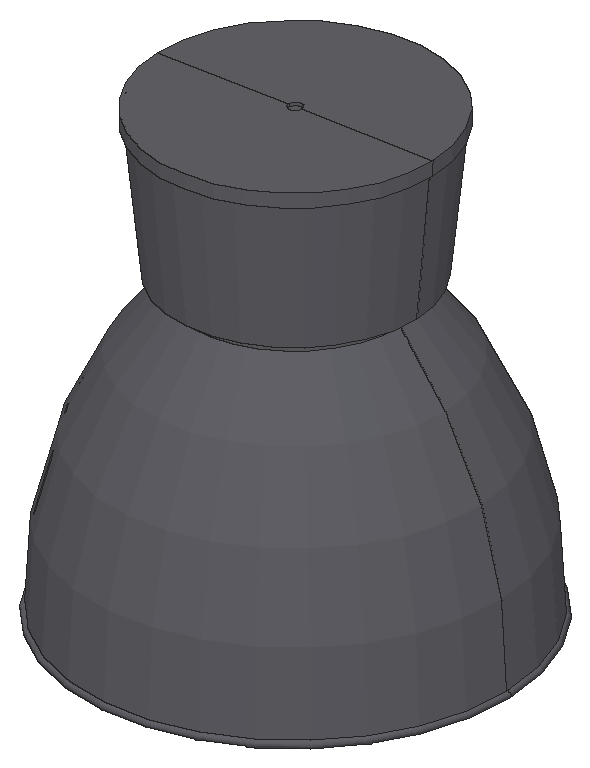
Revit family "QSDS16", category Lighting Fixtures, Revit 2024
Family settings
  Round Connector Dimension = Use Diameter
  Part Type = Normal
  OmniClass Number = 23.80.70.00
  OmniClass Title = Lighting
  Work Plane-Based = No
  Always vertical = Yes
  Cut with Voids When Loaded = No
  Light Source = No
  Maintain Annotation Orientation = No
  Shared = No
  Room Calculation Point = No
Parameters
  Default Elevation = 0' - 0"
Reference planes (in)
  plane 1 "Light Source Axis (F/B)": y = 0
  plane 2: z = 0
  plane 3 "Light Source Axis (L/R)": x = 0
  plane 4 "Light Source Elevation": z = 54
Forms (in)
  Sweep 1, solid, material "GLASS SHADE", not visible
    path origin (75.968, 0, 0.00093) x (1, 0, 0) y (0, 0, 1)
      loop
        arc (-4.5864, 68.3252) -> (-8.91952, 61.72019) -> (-10.59309, 54) r 21.63816
    profile origin (67.04848, 0, 61.72112) x (0.922209, 0, -0.386691) y (0, -1, 0)
      loop
        circle (0, 0) r 0.03125
  Revolve 2, solid, material "99"
    sketch origin (0, 0, 0) x (1, 0, 0) y (0, 0, 1)
      loop
        arc (7.875, 54.25) -> (6.91833, 60.07945) -> (3.79632, 65.0945) r 15.08491
        line (3.79632, 65.0945) -> (3.66737, 65.0945)
        arc (3.66737, 65.0945) -> (6.82339, 60.06552) -> (7.7796, 54.20577) r 14.99116
        arc (7.7796, 54.20577) -> (7.92758, 54.0116) -> (7.875, 54.25) r 0.125
      axis (0, 65.0945) -> (0, 54.20577)
    angle from 0 to 360
  Revolve 3, solid, material "99"
    sketch origin (0, 0, 0) x (1, 0, 0) y (0, 0, 1)
      loop
        line (5.125, 70.9375) -> (0.25, 70.9375) -> (0.25, 70.84375) -> (5.03125, 70.84375) -> (5.03125, 70.53125) -> (4.91516, 70.53125) -> (4.41516, 65.53125) -> (2.40625, 65.53125) -> (2.40625, 65.21875) -> (3.79632, 65.21875) -> (3.79632, 65.0945) -> (3.9162, 65) -> (3.9162, 65.3125) -> (2.5, 65.3125) -> (2.5, 65.4375) -> (4.5, 65.4375) -> (5, 70.4375) -> (5.125, 70.4375) -> (5.125, 70.9375)
      axis (0, 70.9375) -> (0, 65)
    angle from 0 to 360
Dimensions and locks (in)
  aligned and locked: level to plane 2
